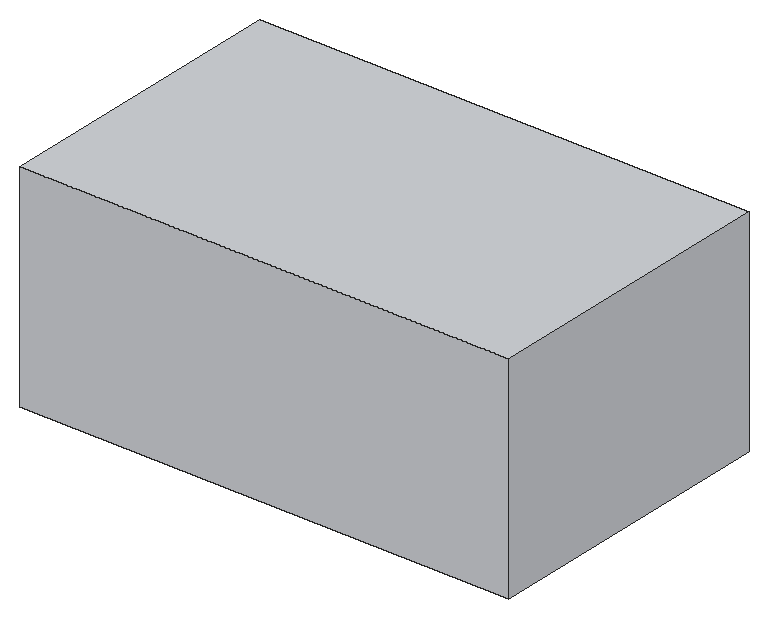
Revit family "M_Caixa universal - Cinco tomadas - Tipo 2 - Alumínio", category Conexões do conduite, Revit 2019
Family settings
  Cota do conector redondo = Usar raio
  Tipo de parte = Múltiplas portas
  Número OmniClass = 23.80.30.17.11
  Título OmniClass = Conduits
  ID de item do Seek = Universal Box - Five Outlets - Type 2 - Aluminum-0000-CAN-ENU
  Com base no plano de trabalho = Não
  Sempre na vertical = Sim
  Corte com vazios quando carregada = Não
  Compartilhado = Não
Parameters (values of type "Caixa de tomada única")
  Largura 2 [instance] = if(not(Diâmetro nominal máximo 1235 > 27 mm), 38 mm, Diâmetro nominal máximo 1235 + 12.7 mm)  # 38 mm
  Largura 1 [instance] = (Largura - Largura 2) * 0.5  # 16.5 mm
  Largura [instance] = if(not(Diâmetro nominal máximo 1235 > 25.4 mm), Largura externa, 6 * Diâmetro nominal máximo 1235)  # 71 mm
  Largura externa = 71 mm
  Altura externa = 51 mm
  Raio nominal 5 [instance] = 8 mm
  Raio nominal 4 [instance] = 8 mm
  Raio nominal 3 [instance] = 8 mm
  Raio nominal 2 [instance] = 8 mm
  Raio nominal 1 [instance] = 8 mm
  Diâmetro nominal 5 [instance] = Raio nominal 5 * 2  # 16 mm
  Diâmetro nominal 4 [instance] = Raio nominal 4 * 2  # 16 mm
  Diâmetro nominal 3 [instance] = Raio nominal 3 * 2  # 16 mm
  Diâmetro nominal 2 [instance] = Raio nominal 2 * 2  # 16 mm
  Diâmetro nominal 1 [instance] = Raio nominal 1 * 2  # 16 mm
  Diâmetro nominal máximo 34 [instance] = if(Diâmetro nominal 3 > Diâmetro nominal 4, Diâmetro nominal 3, Diâmetro nominal 4)  # 16 mm
  Diâmetro nominal máximo 1235 [instance] = if(Diâmetro nominal máximo 1234 > Diâmetro nominal 5, Diâmetro nominal máximo 1234, Diâmetro nominal 5)  # 16 mm
  Diâmetro nominal máximo 1234 [instance] = if(Diâmetro nominal máximo 12 > Diâmetro nominal máximo 34, Diâmetro nominal máximo 12, Diâmetro nominal máximo 34)  # 16 mm
  Diâmetro nominal máximo 12 [instance] = if(Diâmetro nominal 1 > Diâmetro nominal 2, Diâmetro nominal 1, Diâmetro nominal 2)  # 16 mm
  Comprimento [instance] = if(not(Diâmetro nominal máximo 1235 > 27 mm), 116 mm, 8 * Diâmetro nominal máximo 1235)  # 116 mm
  Altura [instance] = if(not(Diâmetro nominal máximo 1235 > 27 mm), Altura externa, if(Diâmetro nominal máximo 1235 < 155 mm, 155 mm, Diâmetro nominal máximo 1235 * 1.2))  # 51 mm
Types (3, lengths in mm): name | Largura 1 | Largura | Largura externa | Altura externa | Altura
  (no name) | 16.5 | 71 | 71 | 51 | 51
  Caixa de tomada única | 16.5 | 71 | 71 | 51 | 51
  Caixa de tomada dupla | 40 | 118 | 118 | 52 | 52
Reference planes
  plane 1 "Centro (Frente/Trás)": y = 0
  plane 2: z = 0
  plane 3 "Centro (Esquerda/Direita)": x = 0
  plane 4: y = 16.5
  plane 5: y = -54.5
  plane 6: x = 116
  plane 7: z = -25.5
  plane 8: z = 25.5
  plane 9: y = -38
Forms (mm)
  Extrusion 1, solid
    sketch origin (0, 0, 0) x (1, 0, 0) y (0, 1, 0)
      loop
        line (0, 16.5) -> (0, -54.5) -> (116, -54.5) -> (116, 16.5) -> (0, 16.5)
    from -25.5 to 25.5
  Extrusion 2, solid
    sketch origin (0, 0, 0) x (0, 1, 0) y (0, 0, 1)
      loop
        circle (0, 0) r 8
    from 0 to 116
  Extrusion 3, solid
    sketch origin (0, 0, 0) x (0, 1, 0) y (0, 0, 1)
      loop
        circle (-38, 0) r 8
    from 0 to 116
Cuts and joins
  joined: Extrusion 1, Extrusion 2, Extrusion 3
Dimensions and locks
  equal spacing: plane 8, plane 2, plane 7
  locked: level to plane 2
  "Altura": plane 8 to plane 7
  "Comprimento": plane 3 "Centro (Esquerda/Direita)" to plane 6
  "Largura 1": plane 4 to plane 1 "Centro (Frente/Trás)"
  "Largura 2": plane 9 to plane 1 "Centro (Frente/Trás)"
  "Largura": plane 4 to plane 5
  "Raio nominal 1": radius of Extrusion 2 sketch curve
  "Raio nominal 1": radius of Extrusion 3 sketch curve
  aligned and locked: Extrusion 1 sketch curve to plane 4
  aligned and locked: plane 5 to Extrusion 1 sketch curve
  aligned and locked: Extrusion 1 sketch curve to plane 6
  aligned: Extrusion 1 to plane 2
  aligned and locked: Extrusion 1 to plane 7
  aligned and locked: plane 8 to Extrusion 1
  aligned and locked: Extrusion 1 to plane 3 "Centro (Esquerda/Direita)"
  aligned and locked: plane 2 to Extrusion 2 sketch curve
  aligned and locked: plane 1 "Centro (Frente/Trás)" to Extrusion 2 sketch curve
  aligned and locked: Extrusion 2 to plane 3 "Centro (Esquerda/Direita)"
  aligned and locked: plane 2 to Extrusion 3 sketch curve
  aligned and locked: plane 9 to Extrusion 3 sketch curve
  aligned and locked: Extrusion 3 to plane 3 "Centro (Esquerda/Direita)"
  aligned and locked: plane 6 to Extrusion 2
  aligned and locked: plane 6 to Extrusion 3
Automatic sketch dimensions
  plane 3 "Centro (Esquerda/Direita)" to Extrusion 1 sketch curve = 0 mm
Connectors
  cabletrayconduit at (0, 0, 0), diameter 16, driven by "Raio nominal 1"
    settings: on Extrusion 2, index 1, connector width 304.8 mm, connector height 304.8 mm, connector angle 0.00°, system type 32, placement type 0, profile type 0, connector reference index 3, is primary connector yes, connector utility param no, connector description ""
  cabletrayconduit at (0, -38, 0), diameter 16, driven by "Raio nominal 2"
    settings: on Extrusion 3, index 2, connector width 304.8 mm, connector height 304.8 mm, connector angle 0.00°, system type 32, placement type 0, profile type 0, connector reference index 4, is primary connector no, connector utility param no, connector description ""
  cabletrayconduit at (116, 0, 0), diameter 16, driven by "Raio nominal 3"
    settings: on Extrusion 2, index 3, connector width 304.8 mm, connector height 304.8 mm, connector angle 0.00°, system type 32, placement type 0, profile type 0, connector reference index 1, is primary connector no, connector utility param no, connector description ""
  cabletrayconduit at (116, -38, 0), diameter 16, driven by "Raio nominal 4"
    settings: on Extrusion 3, index 4, connector width 304.8 mm, connector height 304.8 mm, connector angle 0.00°, system type 32, placement type 0, profile type 0, connector reference index 2, is primary connector no, connector utility param no, connector description ""
  cabletrayconduit at (58, -19, -25.5), diameter 16, driven by "Raio nominal 5"
    settings: on Extrusion 1, index 5, connector width 304.8 mm, connector height 304.8 mm, connector angle 0.00°, system type 32, placement type 0, profile type 0, connector reference index -1, is primary connector no, connector utility param no, connector description ""
